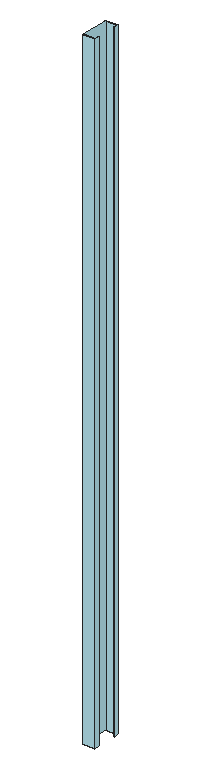
Revit family "45補強材", category 機械設備, Revit 2020
Family settings
  丸型コネクタ寸法 = 直径を使用
  種別 = なし
  パーツ タイプ = 標準
  作業面ベース = いいえ
  常に垂直 = はい
  ロード時にボイドで切り取り = いいえ
  共有 = いいえ
  部屋計算ポイント = いいえ
Parameters
  製造元 = "株式会社桐井製作所"
  既定の高さ = 0 mm
  URL = "https://www.kirii.co.jp/"
  K_長さ(mm) [instance] = 1000 mm
  K_材質 = "SGCC一般用・SGC340~570高強度一般用・SGH340~570高強度一般用"
  K_外形寸法(mm) = "45×20×7"
  K_品名 = "45補強材"
  K_名称 = "補強材"
  K_バージョン情報 = "20210524"
  K_めっき付着量 = "Z08"
  K_JIS規格 = "JIS G 3302"
Reference planes
  plane 1 "中心(正面/背面)": y = 0
  plane 2: z = 0
  plane 3 "中心(左/右)": x = 0
  plane 4: z = 1000
  plane 5: y = 45
Forms (mm)
  Extrusion 1, solid
    sketch origin (0, 0, 0) x (1, 0, 0) y (0, 1, 0)
      loop
        line (0, 0) -> (20, 0) -> (20, 7) -> (18.8, 7) -> (18.8, 1.2) -> (1.2, 1.2) -> (1.2, 43.8) -> (18.8, 43.8) -> (18.8, 38) -> (20, 38) -> (20, 45) -> (0, 45) -> (0, 0)
    from 0 to 1000
Dimensions and locks
  "K_長さ(mm)": plane 4 to plane 2
  aligned and locked: level to plane 2
  aligned and locked: plane 4 to Extrusion 1
Automatic sketch dimensions
  Extrusion 1 sketch curve to plane 3 "中心(左/右)" = 0 mm
  plane 1 "中心(正面/背面)" to Extrusion 1 sketch curve = 0 mm
  Extrusion 1 sketch curve to plane 5 = 0 mm
  plane 3 "中心(左/右)" to Extrusion 1 sketch curve = 1.2 mm
  Extrusion 1 sketch curve to plane 1 "中心(正面/背面)" = 7 mm
  Extrusion 1 sketch curve to Extrusion 1 sketch curve = 17.6 mm  (x2)
  Extrusion 1 sketch curve to plane 5 = 1.2 mm
  Extrusion 1 sketch curve to Extrusion 1 sketch curve = 1.2 mm  (x2)
  Extrusion 1 sketch curve to plane 1 "中心(正面/背面)" = 1.2 mm
  Extrusion 1 sketch curve to Extrusion 1 sketch curve = 5.8 mm
